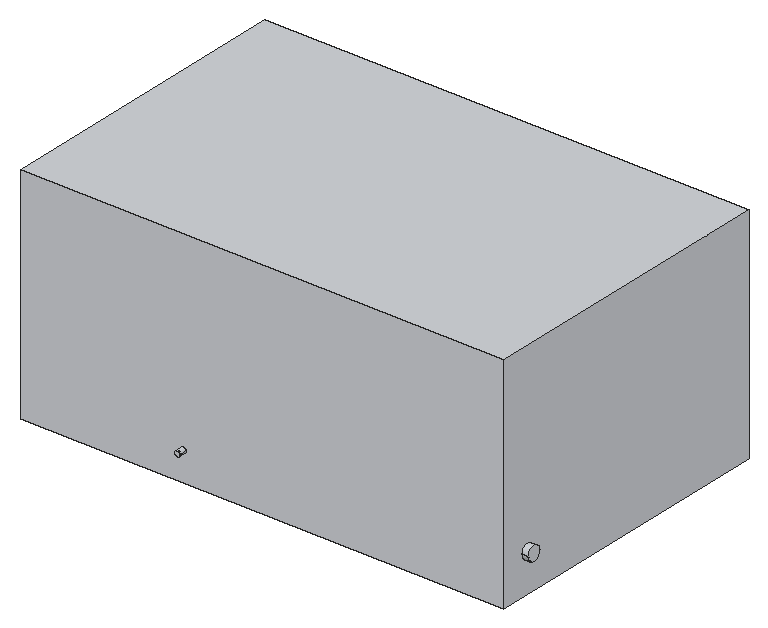
Revit family "M_Bomba de calor - Pacote simples", category Equipamento mecânico, Revit 2019
Family settings
  Cota do conector redondo = Usar raio
  Tipo de parte = Normal
  Número OmniClass = 23.75.10.21.17
  Título OmniClass = Water-Source Heat Pumps
  ID de item do Seek = Heat Pump - Single Packaged-0000-CAN-ENU
  Com base no plano de trabalho = Não
  Sempre na vertical = Sim
  Corte com vazios quando carregada = Não
  Compartilhado = Não
  Ponto de cálculo do ambiente = Não
Parameters (values of type "11 kW")
  Voltagem = 460 V
  Largura da unidade = 1125 mm
  Comprimento da unidade = 1775 mm
  Altura da unidade = 819 mm
  Largura do ar de fornecimento = 387 mm
  Altura do ar de fornecimento = 457 mm
  Fluxo do ar de fornecimento [instance] = 680.0 L/s
  Largura do ar de retorno = 356 mm
  Altura do ar de retorno = 610 mm
  Fluxo do ar de retorno [instance] = 680.0 L/s
  Raio 4 = 0.2 * Raio do ventilador  # 45 mm
  Raio 3 = 0.4 * Raio do ventilador  # 90 mm
  Raio 2 = 0.6 * Raio do ventilador  # 135 mm
  Raio 1 = 0.8 * Raio do ventilador  # 180 mm
  Número de pólos = 3
  Material = none
  Classificação de carga = Refrigeração
  Saída do aquecimento [instance] = 17408 W
  Entrada do aquecimento [instance] = 17400 W
  Raio do ventilador = 0.2 * Largura da unidade  # 225 mm
  Raio da drenagem = 10 mm
  Fluxo da drenagem [instance] = 0.0 L/s
  Diâmetro da drenagem = Raio da drenagem * 2  # 20 mm
  Distância 2 = Raio do ventilador + 127 mm  # 352 mm
  Distância 1 = 235 mm
  Capacidade de refrigeração [instance] = 11166 W
  C3 Deslocamento 2 = 108 mm
  C3 Deslocamento 1 = 599 mm
  C2 Deslocamento 2 = 102 mm
  C2 Deslocamento 1 = 92 mm
  Carga aparente = 3960 VA
  Pressão estática externa [instance] = 172.0 Pa
Types (7, lengths in mm): name | Largura da unidade | Comprimento da unidade | Altura da unidade | Largura do ar de fornecimento | Altura do ar de fornecimento | Fluxo do ar de fornecimento | Largura do ar de retorno | Altura do ar de retorno | Fluxo do ar de retorno | Raio 4 | Raio 3 | Raio 2 | Raio 1 | Saída do aquecimento | Entrada do aquecimento | Raio do ventilador | Distância 2 | Distância 1 | Capacidade de refrigeração | C3 Deslocamento 1 | Carga aparente | Pressão estática externa
  (no name) | 1125 | 1775 | 819 | 387 | 457 | 680.0 L/s | 356 | 610 | 680.0 L/s | 45 | 90 | 135 | 180 | 17408 W | 17400 W | 225 | 352 | 235 | 11166 W | 599 | 3960 VA | 172.0 Pa
  11 kW | 1125 | 1775 | 819 | 387 | 457 | 680.0 L/s | 356 | 610 | 680.0 L/s | 45 | 90 | 135 | 180 | 17408 W | 17400 W | 225 | 352 | 235 | 11166 W | 599 | 3960 VA | 172.0 Pa
  14 kW | 1125 | 1775 | 819 | 387 | 457 | 906.0 L/s | 356 | 610 | 906.0 L/s | 45 | 90 | 135 | 180 | 17408 W | 17400 W | 225 | 352 | 235 | 14888 W | 599 | 5050 VA | 266.0 Pa
  18 kW | 1125 | 1775 | 819 | 387 | 457 | 1133.0 L/s | 356 | 610 | 1133.0 L/s | 45 | 90 | 135 | 180 | 23012 W | 23000 W | 225 | 352 | 235 | 18493 W | 599 | 6740 VA | 189.0 Pa
  21 kW | 1355 | 2251 | 1038 | 445 | 838 | 1359.0 L/s | 445 | 816 | 1359.0 L/s | 54.2 | 108.4 | 162.6 | 216.8 | 36018 W | 36000 W | 271 | 398 | 251 | 21687 W | 702 | 6600 VA | 102.0 Pa
  26 kW | 1350 | 2251 | 1038 | 445 | 838 | 1699.0 L/s | 445 | 816 | 1699.0 L/s | 54 | 108 | 162 | 216 | 36018 W | 36000 W | 270 | 397 | 251 | 27255 W | 702 | 8710 VA | 169.0 Pa
  35 kW | 1355 | 2251 | 1241 | 444 | 838 | 1926.0 L/s | 445 | 816 | 1926.0 L/s | 54.2 | 108.4 | 162.6 | 216.8 | 54031 W | 54000 W | 271 | 398 | 251 | 35462 W | 702 | 11190 VA | 214.0 Pa
Reference planes
  plane 1 "Centro (Frente/Trás)": y = 0
  plane 2: z = 0
  plane 3 "Centro (Esquerda/Direita)": x = 0
  plane 4: x = -1775
  plane 5 "Altura da unidade": z = 819
  plane 6: y = 1125
  plane 7: z = 108
  plane 8: x = -1176
  plane 9: y = 1023
  plane 10: x = -1683
  plane 11: x = -1327
  plane 12: y = 413
  plane 13: x = -1092
  plane 14: x = -705
  plane 15: y = 566
  plane 16: z = 142.875
  plane 17: y = 107.95
  plane 18: y = 562.5
  plane 19: x = -352
Forms (mm)
  Extrusion 1, solid, material <- "Material"
    sketch origin (0, 0, 0) x (1, 0, 0) y (0, 1, 0)
      loop
        line (-1775, 1125) -> (-1775, 0) -> (0, 0) -> (0, 1125) -> (-1775, 1125)
    from 0 to 819
  Extrusion 2, solid, material <- "Material"
    sketch origin (0, 0, 0) x (1, 0, 0) y (0, 0, 1)
      loop
        circle (-1176, 108) r 10
    from 0 to 25.572
  Extrusion 3, void
    sketch origin (0, 0, 0) x (1, 0, 0) y (0, 1, 0)
      loop
        line (-1683, 1023) -> (-1683, 413) -> (-1327, 413) -> (-1327, 1023) -> (-1683, 1023)
      loop
        line (-1092, 1023) -> (-1092, 566) -> (-705, 566) -> (-705, 1023) -> (-1092, 1023)
    from 0 to 108
  Extrusion 4, solid, material <- "Material"
    sketch origin (0, 0, 0) x (0, 1, 0) y (0, 0, 1)
      loop
        circle (107.95, 142.875) r 25.4
    from 0 to 25.4
Cuts and joins
  Extrusion 3 cuts Extrusion 1
  joined: Extrusion 1, Extrusion 2, Extrusion 4
Lines and regions (mm)
  model lines
    curve 1: circle (-352, 562.5, 819) r 225 normal (0, 0, 1)
    curve 2: circle (-352, 562.5, 819) r 180 normal (0, 0, 1)
    curve 3: circle (-352, 562.5, 819) r 135 normal (0, 0, 1)
    curve 4: circle (-352, 562.5, 819) r 90 normal (0, 0, 1)
    curve 5: circle (-352, 562.5, 819) r 45 normal (0, 0, 1)
Dimensions and locks
  "Altura da unidade": plane 5 "Altura da unidade" to plane 2
  "Comprimento da unidade": plane 4 to plane 3 "Centro (Esquerda/Direita)"
  "Largura da unidade": plane 6 to plane 1 "Centro (Frente/Trás)"
  "C3 Deslocamento 2": plane 7 to plane 2
  "C3 Deslocamento 1": plane 8 to plane 4
  locked: Extrusion 2 to plane 1 "Centro (Frente/Trás)" at 25.572
  "C2 Deslocamento 2": plane 6 to plane 9
  "C2 Deslocamento 1": plane 4 to plane 10
  "Altura do ar de retorno": plane 9 to plane 12
  "Largura do ar de retorno": plane 10 to plane 11
  "Distância 1": plane 11 to plane 13
  "Largura do ar de fornecimento": plane 13 to plane 14
  "Altura do ar de fornecimento": plane 9 to plane 15
  locked: plane 16 to plane 2 at 142.875
  locked: plane 17 to plane 1 "Centro (Frente/Trás)" at 107.95
  locked: Extrusion 4 to plane 3 "Centro (Esquerda/Direita)" at 25.4
  equal spacing: plane 6, plane 18, plane 1 "Centro (Frente/Trás)"
  "Distância 2": plane 19 to plane 3 "Centro (Esquerda/Direita)"
  "Raio da drenagem": radius of Extrusion 2 sketch curve
  radius of Extrusion 4 sketch curve = 25.4 mm
  "Raio do ventilador": radius of curve 1
  "Raio 1": radius of curve 2
  "Raio 2": radius of curve 3
  "Raio 3": radius of curve 4
  "Raio 4": radius of curve 5
  aligned and locked: plane 4 to Extrusion 1 sketch curve
  aligned and locked: Extrusion 1 sketch curve to plane 6
  aligned and locked: plane 1 "Centro (Frente/Trás)" to Extrusion 1 sketch curve
  aligned and locked: Extrusion 1 sketch curve to plane 3 "Centro (Esquerda/Direita)"
  aligned and locked: plane 5 "Altura da unidade" to Extrusion 1
  aligned and locked: Extrusion 1 to plane 2
  aligned and locked: plane 8 to Extrusion 2 sketch curve
  aligned and locked: plane 7 to Extrusion 2 sketch curve
  aligned and locked: plane 1 "Centro (Frente/Trás)" to Extrusion 2
  aligned and locked: plane 10 to Extrusion 3 sketch curve
  aligned and locked: Extrusion 3 sketch curve to plane 9  (x2)
  aligned and locked: plane 12 to Extrusion 3 sketch curve
  aligned and locked: Extrusion 3 sketch curve to plane 11
  aligned and locked: plane 13 to Extrusion 3 sketch curve
  aligned and locked: plane 15 to Extrusion 3 sketch curve
  aligned and locked: Extrusion 3 sketch curve to plane 14
  aligned and locked: cut or joined group of Extrusion 1, Extrusion 2, Extrusion 3, Extrusion 4 to plane 2
  aligned and locked: plane 7 to cut or joined group of Extrusion 1, Extrusion 2, Extrusion 3, Extrusion 4
  aligned and locked: plane 17 to Extrusion 4 sketch curve
  aligned and locked: plane 16 to Extrusion 4 sketch curve
  aligned and locked: Extrusion 4 to plane 3 "Centro (Esquerda/Direita)"
  aligned and locked: plane 19 to curve 1
  aligned and locked: plane 18 to curve 1
  aligned and locked: plane 19 to curve 2
  aligned and locked: plane 18 to curve 2
  aligned and locked: plane 19 to curve 3
  aligned and locked: plane 18 to curve 3
  aligned and locked: plane 19 to curve 4
  aligned and locked: plane 18 to curve 4
  aligned and locked: plane 19 to curve 5
  aligned and locked: plane 18 to curve 5
Connectors
  hvac at (-898.5, 794.5, 108), driven by "Fluxo do ar de fornecimento", driven by "Altura do ar de fornecimento", driven by "Largura do ar de fornecimento"
    settings: on cut or joined group of Extrusion 1, Extrusion 2, Extrusion 3, Extrusion 4, index 1, duct flow 680.0 L/s, flow factor 0, pres drop 0.0 Pa, loss coef 0, conn angle 0.00°, conn width 387 mm, conn height 457 mm, conn diameter 609.6 mm, duct sys type 1, conn prof type 1, flow config 0, flow direction 2, loss method 0, conn ref index 2, conn util no, is conn primary yes, conn desc ""
  hvac at (-1505, 718, 108), driven by "Altura do ar de retorno", driven by "Largura do ar de retorno", driven by "Fluxo do ar de retorno"
    settings: on cut or joined group of Extrusion 1, Extrusion 2, Extrusion 3, Extrusion 4, index 2, duct flow 680.0 L/s, flow factor 0, pres drop 0.0 Pa, loss coef 0, conn angle 0.00°, conn width 356 mm, conn height 610 mm, conn diameter 609.6 mm, duct sys type 2, conn prof type 1, flow config 0, flow direction 1, loss method 0, conn ref index 1, conn util no, is conn primary no, conn desc ""
  piping at (-1176, -25.572, 108), diameter 20, driven by "Raio da drenagem", driven by "Fluxo da drenagem"
    settings: on Extrusion 2, index 3, connector inside diameter 20 mm, connector length 0 mm, flow factor 0, pipe flow 0.0 L/s, pressure drop 0.0 Pa, fitting loss kfactor 0, connector angle 0.00°, fixture units 0, engagement length 0 mm, angle of deflection 0.00°, flow configuration 1, flow direction 2, fitting loss method 0, system type 16, joint type 0, gender type 0, connector reference index -1, connector utility 0, adjustable connector yes, is connector primary yes, connector description "Drenagem- Saída"
  electrical at (25.4, 107.95, 142.875), driven by "Carga aparente", driven by "Voltagem", driven by "Número de pólos", driven by "Classificação de carga"
    settings: on Extrusion 4, index 4, voltage 460 V, apparent load 3960 VA, apparent load phase1 0 VA, apparent load phase2 0 VA, apparent load phase3 0 VA, power factor 0.8, load classification "Refrigeração", number of poles 3, system type 30, power factor state 1, is connector primary yes, connector utility no, sub classification motor no, connector description ""
